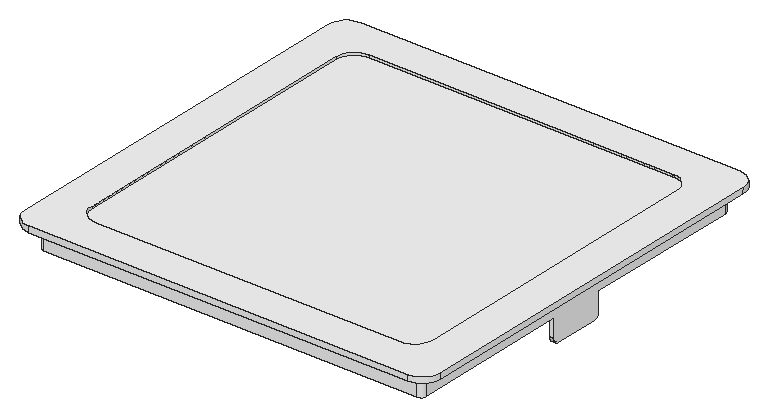
Revit family "0053893 Sylvania Lighting Fixture START eco Downlight Flat Sq 1400lm 830 DIM", category Lighting Fixtures, host Face, Revit 2016
Family settings
  Host = Face
  Part Type = Normal
  Round Connector Dimension = Use Diameter
  OmniClass Number = 23.80.70.11.14.11
  OmniClass Title = Downlights
  Cut with Voids When Loaded = No
  Light Source = Yes
  Shared = No
  Room Calculation Point = No
Parameters (values of type "0053893 START eco Downlight Flat Sq 1400lm 830 DIM ")
  Weight = "7.94 kg"
  Wattage Comments = "n/a"
  Wattage = 18 W
  WarrantyStartDate [instance] = "n/a"
  WarrantyGuarantorParts = "n/a"
  WarrantyDurationUnit = "year"
  WarrantyDurationParts = "n/a"
  WarrantyDescription = "n/a"
  built-in parameter 1150110 = 1 (stored number, unit not read)
  Voltage = 230 V
  URL = "http://www.feilosylvania.com"
  TypeName = "START eco Downlight Flat Sq 1400lm 830 DIM"
  Type Image = <None>
  Type Comments = "n/a"
  built-in parameter 1114217 = 1 (stored number, unit not read)
  Tilt Angle = -90.00°
  built-in parameter 1150109 = 1 (stored number, unit not read)
  built-in parameter 1150134 = (empty or 0)
  built-in parameter 1150113 = 1 (stored number, unit not read)
  SerialNumber [instance] = "n/a"
  ReflectorMaterial = none
  RecessedHeight_FEILO = 25 mm
  RecessedDiameter_FEILO = 209 mm
  PowerFactor = 0
  PowerConsumption = "18 W"
  Photometric Web File = "0053311.ies"
  NominalLength = 226 mm
  NominalHeight = 25 mm
  NominalDepth = 226 mm
  Name = "START eco Downlight Flat Sq 1400lm 830 DIM"
  ModelReference = Name  # "START eco Downlight Flat Sq 1400lm 830 DIM"
  ModelNumber = "0053893"
  Model = Name  # "START eco Downlight Flat Sq 1400lm 830 DIM"
  Material = "Aluminium"
  ManufacturerName = "Feilo Sylvania"
  Manufacturer = "Feilo Sylvania"
  LuminousEfficacy = "63.89 lm/W"
  built-in parameter 1150105 = 404.01 (stored number, unit not read)
  Lumens = 1150.02 lm
  LuminaireType = "LED recessed downlight"
  built-in parameter 1150115 = 1 (stored number, unit not read)
  LightOutputRatio = "1"
  built-in parameter 1150137 = (empty or 0)
  built-in parameter 1150139 = (empty or 0)
  LampsType = Lamp  # "LED"
  LampNominalLuminous = "1400 lm"
  LampMacAdamStep = "n/a"
  LampColourTemperature = "3000 K"
  LampColourRenderingIndex = "80"
  built-in parameter 1150112 = 1 (stored number, unit not read)
  built-in parameter 1150114 = 1 (stored number, unit not read)
  Lamp = "LED"
  Keynote = "16500"
  InstallationDate [instance] = "n/a"
  InputVoltage = "220-240V~"
  InputNominalFrequency = "50/60 Hz"
  built-in parameter 1150132 = (empty or 0)
  built-in parameter 1150102 = (empty or 0)
  built-in parameter 1150107 = 3000 (stored number, unit not read)
  built-in parameter 1150138 = (empty or 0)
  IngressProtection = "IP44"
  ImpactProtectionIndex = "IK06"
  built-in parameter 1150106 = 4.0401 (stored number, unit not read)
  IfcExportType = "IfcLightFixtureType"
  IfcExportAs = "IfcLightFixtureType"
  ExpectedLife = 50000
  Emit from Rectangle Width = BodyLength_FEILO - 48 mm  # 178 mm
  Emit from Rectangle Length = BodyLength_FEILO - 48 mm  # 178 mm
  Emit Shape Visible in Rendering = no
  ElectricShockClassification = "Class II"
  built-in parameter 1150104 = 5.9356 (stored number, unit not read)
  DurationUnit = "hours"
  DocumentationLiterature = "http://www.feilosylvania.com/product/en-int/products/0053311"
  DimmingControlOptions = "Dimmable"
  Dimming Lamp Color Temperature Shift = <None>
  DiffuserMaterial = Diffuser-Sylvania-Glow
  Description = "Integrated LED recessed downlight providing 1150 fixture lumens at a wattage of 18W giving a high efficacy of 64lm/W. Fitting includes Leading/Trailing edge phase dimmable driver and has a square ceiling cut out of 206x206mm with an IP20 and IK02 rating providing uniform distribution with an Opal diffuser and 110° beam angle. Provided including a Loop in Loop out box and built Built white aluminium housing."
  Default Elevation = 1219.2 mm
  CutoutHeight_FEILO = 32 mm
  CreatedOn = "'03-11-2017"
  CreatedBy = "aron.fodor@feilosylvania.com"
  Cost = 0
  Color Filter = 16777215
  built-in parameter 1114216 [instance] = (empty or 0)
  ClassificationValue = "EF_70_80"
  ClassificationName = "Uniclass2015"
  BodyWidth_FEILO = BodyLength_FEILO  # 226 mm
  BodyRadiusUpper = 3 mm
  BodyRadius = 10 mm
  BodyMaterial = Body-Sylvania-SylFlatDimmable-White
  BodyLength_FEILO = 226 mm
  BodyHeight_FEILO = 12 mm
  BarCode [instance] = "n/a"
  built-in parameter 1114218 = 1 (stored number, unit not read)
  built-in parameter 1150133 = 10 (stored number, unit not read)
  AssetType = "Fixed"
  AssetIdentifier [instance] = "n/a"
  Assembly Code = "D5020200"
  Apparent Load = 0 VA
  AccessoryMaterial = Diffuser-Sylvania-Glow
Reference planes
  plane 1 "Center (Front/Back)": y = 0
  plane 2: z = 0
  plane 3 "Center (Left/Right)": x = 0
  plane 4: x = 113
  plane 5: x = -113
  plane 6: y = 113
  plane 7: y = -113
  plane 8: z = 3
  plane 9: z = -25
  plane 10: x = 104.5
  plane 11: x = -104.5
  plane 12: y = 104.5
  plane 13: y = -104.5
  plane 14: z = 2
  plane 15: x = -93
  plane 16: z = -12
  plane 17: x = -102
  plane 18: x = 102
  plane 19: z = -32
  plane 20: x = 93
  plane 21: y = 93
  plane 22: y = -93
  plane 23: y = 15
  plane 24: y = -15
Forms (mm)
  Extrusion 1, solid, material "Body-Sylvania-SylFlatDimmable-White" <- "BodyMaterial"
    sketch origin (0, 0, 0) x (1, 0, 0) y (0, 1, 0)
      loop
        arc (-103, 113) -> (-110.071, 110.071) -> (-113, 103) r 10
        line (-113, 103) -> (-113, -103)
        arc (-113, -103) -> (-110.071, -110.071) -> (-103, -113) r 10
        line (-103, -113) -> (103, -113)
        arc (103, -113) -> (110.071, -110.071) -> (113, -103) r 10
        line (113, -103) -> (113, 103)
        arc (113, 103) -> (110.071, 110.071) -> (103, 113) r 10
        line (103, 113) -> (-103, 113)
      loop
        arc (-83, 93) -> (-90.071, 90.071) -> (-93, 83) r 10
        line (-93, 83) -> (-93, -83)
        arc (-93, -83) -> (-90.071, -90.071) -> (-83, -93) r 10
        line (-83, -93) -> (83, -93)
        arc (83, -93) -> (90.071, -90.071) -> (93, -83) r 10
        line (93, -83) -> (93, 83)
        arc (93, 83) -> (90.071, 90.071) -> (83, 93) r 10
        line (83, 93) -> (-83, 93)
    from 0 to 3
  Extrusion 2, solid, material "Diffuser-Sylvania-Glow" <- "DiffuserMaterial"
    sketch origin (0, 0, 0) x (1, 0, 0) y (0, 1, 0)
      loop
        line (-93, 83) -> (-93, -83)
        arc (-93, -83) -> (-90.071, -90.071) -> (-83, -93) r 10
        line (-83, -93) -> (83, -93)
        arc (83, -93) -> (90.071, -90.071) -> (93, -83) r 10
        line (93, -83) -> (93, 83)
        arc (93, 83) -> (90.071, 90.071) -> (83, 93) r 10
        line (83, 93) -> (-83, 93)
        arc (-83, 93) -> (-90.071, 90.071) -> (-93, 83) r 10
    from 0 to 2
  Extrusion 3, solid, material "Body-Sylvania-SylFlatDimmable-White" <- "BodyMaterial"
    sketch origin (0, 0, 0) x (1, 0, 0) y (0, 1, 0)
      loop
        arc (-101.5, 104.5) -> (-103.621, 103.621) -> (-104.5, 101.5) r 3
        line (-104.5, 101.5) -> (-104.5, -101.5)
        arc (-104.5, -101.5) -> (-103.621, -103.621) -> (-101.5, -104.5) r 3
        line (-101.5, -104.5) -> (101.5, -104.5)
        arc (101.5, -104.5) -> (103.621, -103.621) -> (104.5, -101.5) r 3
        line (104.5, -101.5) -> (104.5, 101.5)
        arc (104.5, 101.5) -> (103.621, 103.621) -> (101.5, 104.5) r 3
        line (101.5, 104.5) -> (-101.5, 104.5)
    from 0 to -12
  Extrusion 4, solid, material "Body-Sylvania-SylFlatDimmable-White" <- "BodyMaterial"
    sketch origin (-104.5, 1524, 1219.2) x (0, 1, 0) y (0, 0, 1)
      loop
        line (-1539, -1231.2) -> (-1539, -1241.2)
        arc (-1539, -1241.2) -> (-1538.121, -1243.321) -> (-1536, -1244.2) r 3
        line (-1536, -1244.2) -> (-1512, -1244.2)
        arc (-1512, -1244.2) -> (-1509.879, -1243.321) -> (-1509, -1241.2) r 3
        line (-1509, -1241.2) -> (-1509, -1231.2) -> (-1539, -1231.2)
    from 0 to 2.5
  Extrusion 5, solid, material "Body-Sylvania-SylFlatDimmable-White" <- "BodyMaterial"
    sketch origin (104.5, 1524, 1219.2) x (0, 1, 0) y (0, 0, 1)
      loop
        line (-1509, -1231.2) -> (-1539, -1231.2) -> (-1539, -1241.2)
        arc (-1539, -1241.2) -> (-1538.121, -1243.321) -> (-1536, -1244.2) r 3
        line (-1536, -1244.2) -> (-1512, -1244.2)
        arc (-1512, -1244.2) -> (-1509.879, -1243.321) -> (-1509, -1241.2) r 3
        line (-1509, -1241.2) -> (-1509, -1231.2)
    from 0 to -2.5
  Extrusion 6, void
    sketch origin (0, 0, 0) x (1, 0, 0) y (0, 1, 0)
      loop
        line (-104.5, 104.5) -> (-104.5, -104.5) -> (102, -104.5) -> (102, 104.5) -> (-104.5, 104.5)
    from 0 to -32
Cuts and joins
  joined: Extrusion 1, Extrusion 3, Extrusion 4, Extrusion 5
Dimensions and locks
  equal spacing: plane 5, plane 3 "Center (Left/Right)", plane 4
  equal spacing: plane 7, plane 1 "Center (Front/Back)", plane 6
  "BodyWidth_FEILO": plane 7 to plane 6
  "BodyLength_FEILO": plane 5 to plane 4
  "RecessedHeight_FEILO": plane 2 to plane 9
  locked: plane 8 to plane 2 at 3
  equal spacing: plane 11, plane 3 "Center (Left/Right)", plane 10
  "RecessedDiameter_FEILO": plane 11 to plane 10
  equal spacing: plane 13, plane 1 "Center (Front/Back)", plane 12
  "RecessedDiameter_FEILO": plane 13 to plane 12
  locked: plane 14 to plane 2 at 2
  locked: plane 15 to plane 5 at 20
  "BodyHeight_FEILO": plane 2 to plane 16
  equal spacing: plane 18, plane 3 "Center (Left/Right)", plane 17
  locked: plane 17 to plane 11 at 2.5
  "CutoutHeight_FEILO": plane 2 to plane 19
  equal spacing: plane 20, plane 3 "Center (Left/Right)", plane 15
  equal spacing: plane 22, plane 1 "Center (Front/Back)", plane 21
  locked: plane 21 to plane 6 at 20
  equal spacing: plane 24, plane 1 "Center (Front/Back)", plane 23
  locked: plane 1 "Center (Front/Back)" to plane 23 at 15
  "BodyRadius": radius of Extrusion 1 sketch curve  (x8)
  "BodyRadiusUpper": radius of Extrusion 3 sketch curve  (x4)
  "BodyRadiusUpper": radius of Extrusion 4 sketch curve  (x2)
  "BodyRadiusUpper": radius of Extrusion 5 sketch curve  (x2)
  aligned and locked: plane 2 to host face
  aligned and locked: level to host face
  aligned and locked: imposter light to plane 14
  aligned and locked: plane 3 "Center (Left/Right)" to imposter light
  aligned and locked: imposter light to plane 1 "Center (Front/Back)"
  aligned and locked: plane 6 to Extrusion 1 sketch curve
  aligned and locked: plane 5 to Extrusion 1 sketch curve
  aligned and locked: Extrusion 1 sketch curve to plane 7
  aligned and locked: Extrusion 1 sketch curve to plane 4
  aligned and locked: plane 21 to Extrusion 1 sketch curve
  aligned and locked: plane 15 to Extrusion 1 sketch curve
  aligned and locked: Extrusion 1 sketch curve to plane 22
  aligned and locked: Extrusion 1 sketch curve to plane 20
  aligned and locked: Extrusion 1 to plane 8
  aligned and locked: Extrusion 2 sketch curve to Extrusion 1  (x4)
  aligned and locked: Extrusion 2 to plane 14
  aligned and locked: Extrusion 2 to level
  aligned and locked: plane 12 to Extrusion 3 sketch curve
  aligned and locked: Extrusion 3 sketch curve to plane 13
  aligned and locked: Extrusion 3 sketch curve to plane 10
  aligned and locked: plane 16 to Extrusion 3
  aligned and locked: level to Extrusion 3
  aligned and locked: plane 11 to Extrusion 3 sketch curve
  aligned and locked: plane 16 to Extrusion 4 sketch curve
  aligned and locked: Extrusion 4 sketch curve to plane 24
  aligned and locked: Extrusion 4 sketch curve to plane 9
  aligned and locked: plane 23 to Extrusion 4 sketch curve
  aligned and locked: plane 17 to Extrusion 4
  aligned and locked: Extrusion 4 to plane 11
  aligned and locked: Extrusion 5 sketch curve to cut or joined group of Extrusion 1, Extrusion 3, Extrusion 4, Extrusion 5
  aligned and locked: plane 9 to Extrusion 5 sketch curve
  aligned and locked: plane 24 to Extrusion 5 sketch curve
  aligned and locked: Extrusion 5 sketch curve to plane 23
  aligned and locked: Extrusion 5 to plane 18
  aligned and locked: plane 10 to Extrusion 5
  aligned and locked: plane 12 to Extrusion 6 sketch curve
  aligned and locked: Extrusion 6 sketch curve to plane 18
  aligned and locked: plane 11 to Extrusion 6 sketch curve
  aligned and locked: Extrusion 6 sketch curve to plane 13
  aligned and locked: level to Extrusion 6
  aligned and locked: plane 19 to Extrusion 6
Automatic sketch dimensions
  host sketch curve to host sketch curve = 2438.4 mm  (x2)
  Extrusion 1 sketch curve to Extrusion 1 sketch curve = 0 mm
Connectors
  electrical at (0, 0, 0), driven by "Apparent Load", driven by "PowerFactor", driven by "Voltage"
    settings: index 1, voltage 230 V, apparent load 0 VA, apparent load phase1 0 VA, apparent load phase2 0 VA, apparent load phase3 0 VA, power factor 0, load classification "Lighting", number of poles 1, system type 30, power factor state 1, is connector primary yes, connector utility no, sub classification motor no, connector description ""
